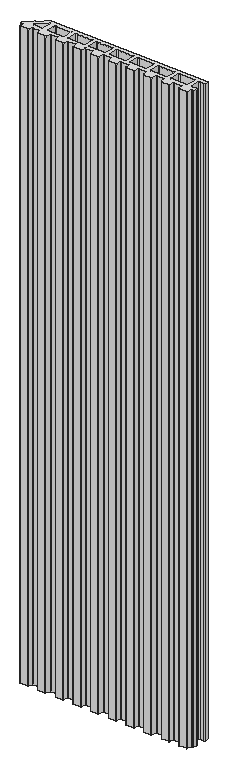
Revit family "ECP_MNY60-7560CN　ﾊｲﾚｰﾝ留め", category Generic Models, Revit 2022
Family settings
  Can host rebar = No
  Round Connector Dimension = Use Diameter
  Part Type = Normal
  Work Plane-Based = No
  Always vertical = Yes
  Cut with Voids When Loaded = Yes
  Maintain Annotation Orientation = No
  Shared = No
  Room Calculation Point = No
Parameters (values of type "ECP_MNY60-7560CN　ﾊｲﾚｰﾝ留め")
  長さ [instance] = 2000 mm
  穴表示 = yes
  材質 = 40Msr_ECP
  Default Elevation = 0 mm
  既存長さ = 600 mm
  幅 [instance] = 590 mm
  固定寸法 = 590 mm
  厚さ = 60 mm
  メースカット非表示 = yes
  メースカット [instance] = 既存長さ - 幅 - 10 mm  # 0 mm
  オースカット非表示 = no
  オースカット = 0 mm
Types (2, lengths in mm): name | 幅 | メースカット
  ECP_MNY60-7560CN　ﾊｲﾚｰﾝ留め | 590 | 0
  ECP_SSAM_t125 | 450 | 140
Reference planes
  plane 1 "中心(正面/背面)": y = 0
  plane 2: z = 0
  plane 3 "中心(左/右)": x = 0
  plane 4: y = -30
  plane 5: y = 30
  plane 6: z = 2000
  plane 7: x = 590
Forms (mm)
  Extrusion 1, solid, material "40Msr_ECP" <- "材質", detail levels fine
    sketch origin (0, 0, 0) x (1, 0, 0) y (0, 1, 0)
      loop
        line (0, -28) -> (2, -30) -> (7.249, -30)
        arc (7.249, -30) -> (8.566, -30.495) -> (9.231, -31.736) r 2
        line (9.231, -31.736) -> (10.769, -43.264)
        arc (10.769, -43.264) -> (11.434, -44.505) -> (12.751, -45) r 2
        line (12.751, -45) -> (37.249, -45)
        arc (37.249, -45) -> (38.566, -44.505) -> (39.231, -43.264) r 2
        line (39.231, -43.264) -> (40.769, -31.736)
        arc (40.769, -31.736) -> (41.434, -30.495) -> (42.751, -30) r 2
        line (42.751, -30) -> (67.249, -30)
        arc (67.249, -30) -> (68.566, -30.495) -> (69.231, -31.736) r 2
        line (69.231, -31.736) -> (70.769, -43.264)
        arc (70.769, -43.264) -> (71.434, -44.505) -> (72.751, -45) r 2
        line (72.751, -45) -> (97.249, -45)
        arc (97.249, -45) -> (98.566, -44.505) -> (99.231, -43.264) r 2
        line (99.231, -43.264) -> (100.769, -31.736)
        arc (100.769, -31.736) -> (101.434, -30.495) -> (102.751, -30) r 2
        line (102.751, -30) -> (127.255, -30)
        arc (127.255, -30) -> (128.572, -30.495) -> (129.237, -31.736) r 2
        line (129.237, -31.736) -> (130.774, -43.264)
        arc (130.774, -43.264) -> (131.439, -44.505) -> (132.757, -45) r 2
        line (132.757, -45) -> (157.255, -45)
        arc (157.255, -45) -> (158.572, -44.505) -> (159.237, -43.264) r 2
        line (159.237, -43.264) -> (160.774, -31.736)
        arc (160.774, -31.736) -> (161.439, -30.495) -> (162.757, -30) r 2
        line (162.757, -30) -> (187.255, -30)
        arc (187.255, -30) -> (188.572, -30.495) -> (189.237, -31.736) r 2
        line (189.237, -31.736) -> (190.774, -43.264)
        arc (190.774, -43.264) -> (191.439, -44.505) -> (192.757, -45) r 2
        line (192.757, -45) -> (217.255, -45)
        arc (217.255, -45) -> (218.572, -44.505) -> (219.237, -43.264) r 2
        line (219.237, -43.264) -> (220.774, -31.736)
        arc (220.774, -31.736) -> (221.439, -30.495) -> (222.757, -30) r 2
        line (222.757, -30) -> (247.249, -30)
        arc (247.249, -30) -> (248.566, -30.495) -> (249.231, -31.736) r 2
        line (249.231, -31.736) -> (250.769, -43.264)
        arc (250.769, -43.264) -> (251.434, -44.505) -> (252.751, -45) r 2
        line (252.751, -45) -> (277.249, -45)
        arc (277.249, -45) -> (278.567, -44.505) -> (279.232, -43.264) r 2
        line (279.232, -43.264) -> (280.769, -31.736)
        arc (280.769, -31.736) -> (281.434, -30.495) -> (282.751, -30) r 2
        line (282.751, -30) -> (307.255, -30)
        arc (307.255, -30) -> (308.572, -30.495) -> (309.237, -31.736) r 2
        line (309.237, -31.736) -> (310.774, -43.264)
        arc (310.774, -43.264) -> (311.439, -44.505) -> (312.757, -45) r 2
        line (312.757, -45) -> (337.255, -45)
        arc (337.255, -45) -> (338.572, -44.505) -> (339.237, -43.264) r 2
        line (339.237, -43.264) -> (340.774, -31.736)
        arc (340.774, -31.736) -> (341.439, -30.495) -> (342.757, -30) r 2
        line (342.757, -30) -> (367.249, -30)
        arc (367.249, -30) -> (368.566, -30.495) -> (369.231, -31.736) r 2
        line (369.231, -31.736) -> (370.769, -43.264)
        arc (370.769, -43.264) -> (371.434, -44.505) -> (372.751, -45) r 2
        line (372.751, -45) -> (397.249, -45)
        arc (397.249, -45) -> (398.566, -44.505) -> (399.231, -43.264) r 2
        line (399.231, -43.264) -> (400.769, -31.736)
        arc (400.769, -31.736) -> (401.434, -30.495) -> (402.751, -30) r 2
        line (402.751, -30) -> (427.249, -30)
        arc (427.249, -30) -> (428.566, -30.495) -> (429.231, -31.736) r 2
        line (429.231, -31.736) -> (430.769, -43.264)
        arc (430.769, -43.264) -> (431.434, -44.505) -> (432.751, -45) r 2
        line (432.751, -45) -> (457.249, -45)
        arc (457.249, -45) -> (458.566, -44.505) -> (459.231, -43.264) r 2
        line (459.231, -43.264) -> (460.769, -31.736)
        arc (460.769, -31.736) -> (461.434, -30.495) -> (462.751, -30) r 2
        line (462.751, -30) -> (487.249, -30)
        arc (487.249, -30) -> (488.566, -30.495) -> (489.231, -31.736) r 2
        line (489.231, -31.736) -> (490.769, -43.264)
        arc (490.769, -43.264) -> (491.434, -44.505) -> (492.751, -45) r 2
        line (492.751, -45) -> (517.249, -45)
        arc (517.249, -45) -> (518.566, -44.505) -> (519.231, -43.264) r 2
        line (519.231, -43.264) -> (520.769, -31.736)
        arc (520.769, -31.736) -> (521.434, -30.495) -> (522.751, -30) r 2
        line (522.751, -30) -> (547.255, -30)
        arc (547.255, -30) -> (548.572, -30.495) -> (549.237, -31.736) r 2
        line (549.237, -31.736) -> (550.774, -43.264)
        arc (550.774, -43.264) -> (551.439, -44.505) -> (552.757, -45) r 2
        line (552.757, -45) -> (577.255, -45)
        arc (577.255, -45) -> (578.572, -44.505) -> (579.237, -43.264) r 2
        line (579.237, -43.264) -> (580.774, -31.736)
        arc (580.774, -31.736) -> (581.439, -30.495) -> (582.757, -30) r 2
        line (582.757, -30) -> (588, -30) -> (590, -28) -> (590, -19)
        arc (590, -19) -> (589.121, -16.879) -> (587, -16) r 3
        line (587, -16) -> (573, -16)
        arc (573, -16) -> (570.879, -15.121) -> (570, -13) r 3
        line (570, -13) -> (570, 13)
        arc (570, 13) -> (570.879, 15.121) -> (573, 16) r 3
        line (573, 16) -> (587, 16)
        arc (587, 16) -> (589.121, 16.879) -> (590, 19) r 3
        line (590, 19) -> (590, 28) -> (588, 30) -> (55, 30) -> (45, 20) -> (45, 17.172) -> (27.828, 0) -> (25, 0) -> (0, -25) -> (0, -28)
    from 0 to 2000
  Extrusion 2, void
    sketch origin (-50, 0, 0) x (1, 0, 0) y (0, 1, 0)
      loop
        line (640, -45) -> (650, -45) -> (650, 30) -> (640, 30) -> (640, -45)
    from 0 to 2000
  Extrusion 3, void
    sketch origin (-617, 0, 0) x (1, 0, 0) y (0, 1, 0)
      loop
        line (653.456, -17) -> (683, -17)
        arc (683, -17) -> (685.122, -16.121) -> (686, -14) r 3
        line (686, -14) -> (686, 14)
        arc (686, 14) -> (685.122, 16.121) -> (683, 17) r 3
        line (683, 17) -> (681.456, 17)
        arc (681.456, 17) -> (680.308, 16.772) -> (679.335, 16.121) r 3
        line (679.335, 16.121) -> (651.335, -11.879)
        arc (651.335, -11.879) -> (650.685, -15.148) -> (653.456, -17) r 3
      loop
        line (701, -17) -> (753, -17)
        arc (753, -17) -> (755.122, -16.121) -> (756, -14) r 3
        line (756, -14) -> (756, 14)
        arc (756, 14) -> (755.122, 16.121) -> (753, 17) r 3
        line (753, 17) -> (701, 17)
        arc (701, 17) -> (698.879, 16.121) -> (698, 14) r 3
        line (698, 14) -> (698, -14)
        arc (698, -14) -> (698.879, -16.121) -> (701, -17) r 3
      loop
        line (771, -17) -> (823, -17)
        arc (823, -17) -> (825.122, -16.121) -> (826, -14) r 3
        line (826, -14) -> (826, 14)
        arc (826, 14) -> (825.122, 16.121) -> (823, 17) r 3
        line (823, 17) -> (771, 17)
        arc (771, 17) -> (768.879, 16.121) -> (768, 14) r 3
        line (768, 14) -> (768, -14)
        arc (768, -14) -> (768.879, -16.121) -> (771, -17) r 3
      loop
        line (841, -17) -> (893, -17)
        arc (893, -17) -> (895.122, -16.121) -> (896, -14) r 3
        line (896, -14) -> (896, 14)
        arc (896, 14) -> (895.122, 16.121) -> (893, 17) r 3
        line (893, 17) -> (841, 17)
        arc (841, 17) -> (838.879, 16.121) -> (838, 14) r 3
        line (838, 14) -> (838, -14)
        arc (838, -14) -> (838.879, -16.121) -> (841, -17) r 3
      loop
        line (911, -17) -> (963, -17)
        arc (963, -17) -> (965.122, -16.121) -> (966, -14) r 3
        line (966, -14) -> (966, 14)
        arc (966, 14) -> (965.122, 16.121) -> (963, 17) r 3
        line (963, 17) -> (911, 17)
        arc (911, 17) -> (908.879, 16.121) -> (908, 14) r 3
        line (908, 14) -> (908, -14)
        arc (908, -14) -> (908.879, -16.121) -> (911, -17) r 3
      loop
        line (981, -17) -> (1033, -17)
        arc (1033, -17) -> (1035.122, -16.121) -> (1036, -14) r 3
        line (1036, -14) -> (1036, 14)
        arc (1036, 14) -> (1035.122, 16.121) -> (1033, 17) r 3
        line (1033, 17) -> (981, 17)
        arc (981, 17) -> (978.879, 16.121) -> (978, 14) r 3
        line (978, 14) -> (978, -14)
        arc (978, -14) -> (978.879, -16.121) -> (981, -17) r 3
      loop
        line (1051, -17) -> (1103, -17)
        arc (1103, -17) -> (1105.122, -16.121) -> (1106, -14) r 3
        line (1106, -14) -> (1106, 14)
        arc (1106, 14) -> (1105.122, 16.121) -> (1103, 17) r 3
        line (1103, 17) -> (1051, 17)
        arc (1051, 17) -> (1048.879, 16.121) -> (1048, 14) r 3
        line (1048, 14) -> (1048, -14)
        arc (1048, -14) -> (1048.879, -16.121) -> (1051, -17) r 3
      loop
        line (1121, -17) -> (1172, -17)
        arc (1172, -17) -> (1174.122, -16.121) -> (1175, -14) r 3
        line (1175, -14) -> (1175, 14)
        arc (1175, 14) -> (1174.122, 16.121) -> (1172, 17) r 3
        line (1172, 17) -> (1121, 17)
        arc (1121, 17) -> (1118.879, 16.121) -> (1118, 14) r 3
        line (1118, 14) -> (1118, -14)
        arc (1118, -14) -> (1118.879, -16.121) -> (1121, -17) r 3
    from 0 to 2000
Cuts and joins
  Extrusion 2, Extrusion 3 cuts Extrusion 1
Lines and regions (mm)
  symbolic lines, style "ECPパネル", detail levels coarse+medium
    curve 1: line (55, 30, 0) -> (590, 30, 0)
    curve 2: line (0, -25, 0) -> (25, 0, 0)
    curve 3: line (590, -30, 0) -> (2, -30, 0)
    curve 4: line (590, 30, 0) -> (590, -30, 0)
    curve 5: line (0, 0, 0) -> (590, 0, 0)
    curve 6: line (0, 0, 2000) -> (0, 0, 0)
    curve 7: line (590, 0, 2000) -> (0, 0, 2000)
    curve 8: line (590, 0, 0) -> (590, 0, 2000)
    curve 9: line (0, -30, 2000) -> (0, 30, 2000)
    curve 10: line (0, -30, 0) -> (0, -30, 2000)
    curve 11: line (0, 30, 0) -> (0, -30, 0)
    curve 12: line (0, 30, 2000) -> (0, 30, 0)
    curve 14: line (0, -25, 0) -> (0, -28, 0)
    curve 15: line (0, -28, 0) -> (2, -30, 0)
    curve 16: line (45, 17.172, 0) -> (27.828, 0, 0)
    curve 17: line (45, 20, 0) -> (45, 17.172, 0)
    curve 18: line (25, 0, 0) -> (27.828, 0, 0)
    curve 19: line (55, 30, 0) -> (45, 20, 0)
  model lines, detail levels coarse+medium
    curve 13: line (0, 8, 0) -> (0, -8, 0)
Dimensions and locks
  "厚さ": plane 4 to plane 5
  "長さ": plane 6 to level
  equal spacing: plane 4, plane 1 "中心(正面/背面)", plane 5
  "既存長さ": plane 3 "中心(左/右)" to Extrusion 2
  "長さ": cut or joined group of Extrusion 1, Extrusion 2, Extrusion 3 to level
  "長さ": Extrusion 2 to level
  "長さ": level to Extrusion 3
  "幅": plane 3 "中心(左/右)" to plane 7
  "メースカット": Extrusion 2 sketch curve to cut or joined group of Extrusion 1, Extrusion 2, Extrusion 3
  "固定寸法": plane 3 "中心(左/右)" to cut or joined group of Extrusion 1, Extrusion 2, Extrusion 3
  aligned and locked: level to plane 2
Automatic sketch dimensions
  curve 11 to level = 0 mm
  curve 11 to plane 4 = 0 mm
  curve 11 to plane 5 = 0 mm
  curve 10 to plane 6 = 0 mm
  curve 7 to plane 3 "中心(左/右)" = 0 mm
  curve 7 to plane 6 = 0 mm
  curve 8 to level = 0 mm
  Extrusion 1 sketch curve to plane 3 "中心(左/右)" = 0 mm
  plane 4 to Extrusion 1 sketch curve = 0 mm  (x11)
  plane 1 "中心(正面/背面)" to Extrusion 1 sketch curve = 0 mm
  plane 5 to Extrusion 1 sketch curve = 0 mm
  plane 3 "中心(左/右)" to Extrusion 1 sketch curve = 2 mm
  plane 4 to Extrusion 1 sketch curve = 2 mm  (x19)
  Extrusion 1 sketch curve to Extrusion 1 sketch curve = 5.249 mm
  plane 4 to Extrusion 1 sketch curve = 1.736 mm  (x20)
  plane 3 "中心(左/右)" to Extrusion 1 sketch curve = 10.769 mm
  Extrusion 1 sketch curve to Extrusion 1 sketch curve = 1.982 mm  (x21)
  plane 3 "中心(左/右)" to Extrusion 1 sketch curve = 25 mm
  Extrusion 1 sketch curve to Extrusion 1 sketch curve = 2.828 mm  (x2)
  Extrusion 1 sketch curve to Extrusion 1 sketch curve = 24.498 mm  (x14)
  plane 4 to Extrusion 1 sketch curve = 13.264 mm  (x18)
  Extrusion 1 sketch curve to Extrusion 1 sketch curve = 1.537 mm  (x19)
  Extrusion 1 sketch curve to Extrusion 1 sketch curve = 17.172 mm
  Extrusion 1 sketch curve to Extrusion 1 sketch curve = 10 mm
  plane 4 to Extrusion 1 sketch curve = 13 mm  (x4)
  Extrusion 1 sketch curve to Extrusion 1 sketch curve = 24.492 mm  (x2)
  Extrusion 1 sketch curve to Extrusion 1 sketch curve = 24.504 mm  (x3)
  Extrusion 1 sketch curve to Extrusion 1 sketch curve = 3 mm  (x5)
  Extrusion 1 sketch curve to Extrusion 1 sketch curve = 1.736 mm  (x8)
  Extrusion 1 sketch curve to plane 4 = 2 mm  (x2)
  Extrusion 1 sketch curve to Extrusion 1 sketch curve = 9 mm
  Extrusion 1 sketch curve to plane 1 "中心(正面/背面)" = 13 mm
  plane 5 to Extrusion 1 sketch curve = 12.828 mm
  plane 5 to Extrusion 1 sketch curve = 2 mm
  plane 1 "中心(正面/背面)" to Extrusion 3 sketch curve = 11.879 mm
  plane 3 "中心(左/右)" to Extrusion 3 sketch curve = 34.335 mm
  Extrusion 3 sketch curve to Extrusion 3 sketch curve = 2.121 mm  (x3)
  plane 5 to Extrusion 3 sketch curve = 13.879 mm
  Extrusion 3 sketch curve to Extrusion 3 sketch curve = 28 mm
  Extrusion 3 sketch curve to Extrusion 3 sketch curve = 1.544 mm
  Extrusion 3 sketch curve to plane 4 = 13 mm  (x4)
  Extrusion 3 sketch curve to Extrusion 3 sketch curve = 29.544 mm
  Extrusion 3 sketch curve to Extrusion 3 sketch curve = 3 mm  (x22)
  Extrusion 3 sketch curve to Extrusion 3 sketch curve = 12 mm  (x7)
  plane 1 "中心(正面/背面)" to Extrusion 3 sketch curve = 14 mm  (x4)
  Extrusion 3 sketch curve to Extrusion 3 sketch curve = 52 mm  (x6)
  Extrusion 3 sketch curve to Extrusion 3 sketch curve = 0 mm  (x7)
  plane 5 to Extrusion 3 sketch curve = 13 mm  (x5)
  Extrusion 3 sketch curve to plane 1 "中心(正面/背面)" = 14 mm  (x2)
  plane 3 "中心(左/右)" to curve 7 = 590 mm
  Extrusion 1 sketch curve to Extrusion 1 sketch curve = 22.745 mm
  Extrusion 1 sketch curve to Extrusion 1 sketch curve = 14 mm
  Extrusion 1 sketch curve to Extrusion 1 sketch curve = 4.243 mm
  Extrusion 1 sketch curve to Extrusion 1 sketch curve = 1 mm
  Extrusion 1 sketch curve to Extrusion 1 sketch curve = 5.243 mm
  Extrusion 3 sketch curve to Extrusion 3 sketch curve = 51 mm
  plane 4 to Extrusion 2 sketch curve = 15 mm
  plane 5 to Extrusion 2 sketch curve = 0 mm
  curve 14 to plane 3 "中心(左/右)" = 0 mm
  curve 13 to plane 3 "中心(左/右)" = 0 mm
  plane 4 to curve 15 = 0 mm
  plane 1 "中心(正面/背面)" to curve 18 = 0 mm
  plane 5 to curve 19 = 0 mm
  curve 1 to plane 7 = 0 mm
  plane 3 "中心(左/右)" to curve 15 = 2 mm
  plane 3 "中心(左/右)" to curve 18 = 25 mm
  curve 2 to curve 18 = 2.828 mm
  plane 5 to curve 19 = 10 mm
  curve 16 to curve 19 = 17.172 mm
  curve 17 to curve 19 = 10 mm
  curve 15 to plane 4 = 2 mm
  curve 14 to curve 14 = 3 mm
  curve 17 to curve 17 = 2.828 mm
  plane 1 "中心(正面/背面)" to curve 13 = 8 mm
  curve 13 to plane 1 "中心(正面/背面)" = 8 mm
  Extrusion 2 sketch curve to Extrusion 2 sketch curve = 10 mm
